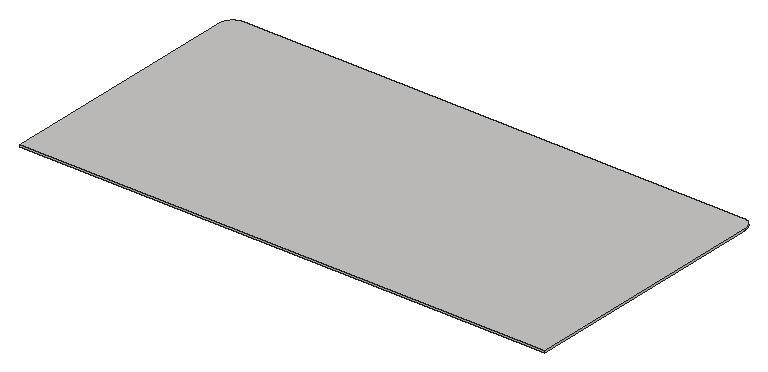
Revit family "PRD_FrankeWS_Splshbcks_AnimaSplashback_SB400,450,500,600", category Furniture, host Face, Revit 2018
Family settings
  Host = Face
  OmniClass Number = 23.45.00.00
  OmniClass Title = Sanitary, Laundry, and Cleaning Equipment
  Cut with Voids When Loaded = No
  Shared = No
  Room Calculation Point = No
Parameters (values of type "SB400")
  WarrantyStartDate [instance] = "1900-12-31T23:59:59"
  WarrantyGuarantorParts = "n/a"
  WarrantyGuarantorLabor = "n/a"
  WarrantyDurationUnit = "year"
  WarrantyDurationParts = "n/a"
  WarrantyDurationLabor = "n/a"
  WarrantyDescription = "n/a"
  Version = "1"
  Uniclass2015Version = "Products v1.5"
  Uniclass2015Title = "Splashbacks"
  Uniclass2015Code = "Pr_40_20_76_83"
  URL = "www.kwc.com"
  TagNumber [instance] = "n/a"
  SustainabilityPerformance = "n/a"
  Style = "Splashback"
  SplashbackMaterial = PRD_AR_StainlessSteel_SatinFinished
  Size = "400 x 200 x 1 mm"
  Shape = "Rectangular"
  SerialNumber [instance] = "n/a"
  SB450 = no
  SB400,500,600 = yes
  Revision = "n/a"
  ReplacementCost = "n/a"
  ProductInformation = "https://pim.kwc.com/product/2000100065/attachment/datasheet?locale=en"
  NominalWidth = 0 mm
  NominalLength = 400 mm
  NominalHeight = 200 mm
  NominalDepth = 1 mm
  NetWeight = 0.60 kg
  Name = "Anima splashback SB400"
  NBSTypeID = "n/a"
  NBSReference = "45-35-15/464"
  NBSOfficeMasterTag = "n/a"
  NBSNote = "n/a"
  NBSDescription = "Splashbacks"
  NBSCertification = "n/a"
  ModelReference = "SB400"
  ModelNumber = "2000100065"
  Model = ModelReference  # "SB400"
  Material = "Stainless steel 1.4301"
  ManufacturerURL = "www.kwc.com"
  ManufacturerName = "KWC Group AG"  # constant formula
  Manufacturer = ManufacturerName  # "KWC Group AG"
  MainColor = "Stainless steel"
  InstallationDate [instance] = "1900-12-31T23:59:59"
  IfcExportType = "NOTDEFINED"
  IfcExportAs = "IfcFurnitureType"
  GrossWeight = 0.80 kg
  Grade = "n/a"
  FixingHoles = "Pre-drilled"
  Finish = "Satin finished"
  Features = "stainless steel, 1 mm, satin finished, wall mounting, 400x200x1 mm (WxHxD)"
  ExpectedLife = "n/a"
  Edges = "Square"
  DurationUnit = "year"
  Description = "Splash back for wall mounting, stainless steel, surface satin finished, material thickness 1 mm, incl. stainless steel screws and dowels. Suitable for washbasins WT400A and WT400C, length 400 mm"
  Default Elevation = 850 mm
  CreateOn = "11/2018"  # constant formula
  Constituents = "n/a"
  Color = "Stainless steel"
  CodePerformance = "n/a"
  Category = "Pr_40_20_76_83, Splashbacks"
  BarCode [instance] = "n/a"
  BIMObjectName = "PRD_AR_Splashbacks_AnimaSplashback_SB400"
  Author = "Archispace"  # constant formula
  AssetType = "Fixed"
  AssetIdentifier [instance] = "n/a"
  AccessibilityPerformance = "n/a"
Types (4, lengths in mm): name | Uniclass2015Version | Size | SB450 | SB400,500,600 | ProductInformation | NominalLength | NominalHeight | NominalDepth | NetWeight | Name | ModelReference | ModelNumber | Model | GrossWeight | Features | Description | BIMObjectName
  SB400 | "Products v1.5" | "400 x 200 x 1 mm" | no | yes | "https://pim.kwc.com/product/2000100065/attachment/datasheet?locale=en" | 400 | 200 | 1 | 0.60 kg | "Anima splashback SB400" | "SB400" | "2000100065" | "SB400" | 0.80 kg | "stainless steel, 1 mm, satin finished, wall mounting, 400x200x1 mm (WxHxD)" | "Splash back for wall mounting, stainless steel, surface satin finished, material thickness 1 mm, incl. stainless steel screws and dowels. Suitable for washbasins WT400A and WT400C, length 400 mm" | "PRD_AR_Splashbacks_AnimaSplashback_SB400"
  SB500 | "Products v1.10" | "500 x 200 x 1 mm" | no | yes | "https://pim.kwc.com/product/2000100066/attachment/datasheet?locale=en" | 500 | 200 | 1 | 0.70 kg | "Anima splashback SB500" | "SB500" | "2000100066" | "SB500" | 0.90 kg | "stainless steel, 1 mm, satin finished, wall mounting, 500x200x1 mm (WxHxD)" | "Splash back for wall mounting, stainless steel, surface satin finished, material thickness 1 mm, inclusive stainless steel screws and dowels. Suitable for washbasins WT500A and WT500C, length 500 mm" | "PRD_AR_Splashbacks_AnimaSplashback_SB500"
  SB600 | "Products v1.10" | "600 x 250 x 1 mm" | no | yes | "https://pim.kwc.com/product/2000100067/attachment/datasheet?locale=en" | 600 | 250 | 1 | 1.00 kg | "Anima splashback SB600" | "SB600" | "2000100067" | "SB600" | 1.30 kg | "stainless steel, 1 mm, satin finished, wall mounting, 600x250x1 mm (WxHxD)" | "Splash back for wall mounting, stainless steel, surface satin finished, material thickness 1 mm, incl. stainless steel screws and dowels. Suitable for washbasins WT600A and WT600C, lenght 600 mm" | "PRD_AR_Splashbacks_AnimaSplashback_SB600"
  SB450 | "Products v1.10" | "450 x 210 x 12 mm" | yes | no | "https://pim.kwc.com/product/2000100338/attachment/datasheet?locale=en" | 450 | 210 | 12 | 1.03 kg | "Anima splashback SB450" | "SB450" | "2000100338" | "SB450" | 1.53 kg | "stainless steel, 0.90 mm, satin finished, wall mounting, 450x210x12 mm (WxHxD)" | "Splash back for wall mounting, stainless steel, surface satin finished, material thickness 0.9 mm, includes stainless steel screws and dowels. Suitable to WT450, LP20 and LP21, length 450 mm" | "PRD_AR_Splashbacks_AnimaSplashback_SB450"
Reference planes
  plane 1 "Center (Front/Back)": y = 0
  plane 2: z = 0
  plane 3 "Center (Left/Right)": x = 0
  plane 4: x = -200
  plane 5: x = 200
  plane 6: y = 200
Forms (mm)
  Extrusion 1, solid, material "PRD_AR_StainlessSteel_SatinFinished" <- "SplashbackMaterial", visible <- "SB400,500,600", detail levels fine
    sketch origin (0, 0, 0) x (1, 0, 0) y (0, 1, 0)
      loop
        line (200, 0) -> (200, 190)
        arc (200, 190) -> (197.071, 197.071) -> (190, 200) r 10
        line (190, 200) -> (-190, 200)
        arc (-190, 200) -> (-197.071, 197.071) -> (-200, 190) r 10
        line (-200, 190) -> (-200, 0) -> (200, 0)
    from 0 to 1
  Extrusion 2, solid, material "PRD_AR_StainlessSteel_SatinFinished" <- "SplashbackMaterial", visible <- "SB400,500,600", detail levels coarse+medium
    sketch origin (0, 0, 0) x (1, 0, 0) y (0, 1, 0)
      loop
        line (200, 0) -> (200, 200) -> (-200, 200) -> (-200, 0) -> (200, 0)
    from 0 to 1
Dimensions and locks
  equal spacing: plane 4, plane 3 "Center (Left/Right)", plane 5
  "NominalLength": plane 4 to plane 5
  "NominalHeight": plane 1 "Center (Front/Back)" to plane 6
  aligned and locked: plane 2 to host face
  aligned and locked: level to host face
  aligned and locked: Extrusion 1 sketch curve to plane 1 "Center (Front/Back)"
  aligned and locked: Extrusion 1 sketch curve to plane 4
  aligned and locked: Extrusion 1 sketch curve to plane 6
  aligned and locked: plane 5 to Extrusion 1 sketch curve
  aligned and locked: Extrusion 2 sketch curve to plane 4
  aligned and locked: Extrusion 2 sketch curve to plane 6
  aligned and locked: plane 5 to Extrusion 2 sketch curve
  aligned and locked: Extrusion 2 sketch curve to plane 1 "Center (Front/Back)"
Automatic sketch dimensions
  host sketch curve to host sketch curve = 2438.4 mm  (x2)
  plane 4 to Extrusion 1 sketch curve = 10 mm
  plane 5 to Extrusion 1 sketch curve = 10 mm
Nested families
  nested 1: "PRD_AR_Splshbcks_AnimaSplashback_SB450" at (0, 0, 0), visible <- "SB450", SplashbackMaterial <- "SplashbackMaterial", type "SB450"
    with WarrantyStartDate "1900-12-31T23:59:59", TagNumber "n/a", SerialNumber "n/a", InstallationDate "1900-12-31T23:59:59", BarCode "n/a", AssetIdentifier "n/a"
Definition of nested family "PRD_AR_Splshbcks_AnimaSplashback_SB450"
  Parameters (values of type "SB450")
    WarrantyStartDate [instance] = "1900-12-31T23:59:59"
    WarrantyGuarantorParts = "n/a"
    WarrantyGuarantorLabor = "n/a"
    WarrantyDurationUnit = "year"
    WarrantyDurationParts = "n/a"
    WarrantyDurationLabor = "n/a"
    WarrantyDescription = "n/a"
    Version = "1"
    Uniclass2015Version = "Products v1.5"
    Uniclass2015Title = "Splashbacks"
    Uniclass2015Code = "Pr_40_20_76_83"
    URL = "www.kwc.com"
    TagNumber [instance] = "n/a"
    SustainabilityPerformance = "n/a"
    Style = "Splashback"
    SplashbackMaterial [instance] = none
    Size = "450 x 210 x 12 mm"
    Shape = "Rectangular"
    SerialNumber [instance] = "n/a"
    Revision = "n/a"
    ReplacementCost = "n/a"
    ProductInformation = "https://pim.kwc.com/product/2000100338/attachment/datasheet?locale=en"
    NominalWidth = 0 mm
    NominalLength = 450 mm
    NominalHeight = 210 mm
    NominalDepth = 12 mm
    NetWeight = 1.03 kg
    Name = "Anima splashback SB450"
    NBSTypeID = "n/a"
    NBSReference = "45-35-15/464"
    NBSOfficeMasterTag = "n/a"
    NBSNote = "n/a"
    NBSDescription = "Splashbacks"
    NBSCertification = "n/a"
    ModelReference = "SB450"
    ModelNumber = "2000100338"
    Model = ModelReference  # "SB450"
    Material = "Stainless steel 1.4301"
    ManufacturerURL = "www.kwc.com"
    ManufacturerName = "KWC Group AG"  # constant formula
    Manufacturer = ManufacturerName  # "KWC Group AG"
    MainColor = "Stainless steel"
    InstallationDate [instance] = "1900-12-31T23:59:59"
    IfcExportType = "NOTDEFINED"
    IfcExportAs = "IfcFurnitureType"
    GrossWeight = 1.53 kg
    Grade = "n/a"
    FixingHoles = "n/a"
    Finish = "Satin finished"
    Features = "stainless steel, 0.90 mm, satin finished, wall mounting, 450x210x12 mm (WxHxD)"
    ExpectedLife = "n/a"
    Edges = "Square"
    DurationUnit = "year"
    Description = "Splash back for wall mounting, stainless steel, surface satin finished, material thickness 0.9 mm, incl. stainless steel screws and dowels. Suitable to WT450, LP20 and LP21, 450x210x12 mm (WxHxD)"
    Default Elevation = 880 mm
    Constituents = "n/a"
    Color = "Stainless steel"
    CodePerformance = "n/a"
    Category = "Pr_40_20_76_83, Splashbacks"
    BarCode [instance] = "n/a"
    BIMObjectName = "PRD_AR_Splashbacks_AnimaSplashback_SB450"
    Author = "Archispace"  # constant formula
    AssetType = "Fixed"
    AssetIdentifier [instance] = "n/a"
    AccessibilityPerformance = "n/a"
  Reference planes
    plane 1 "Center (Front/Back)": y = 0
    plane 2: z = 0
    plane 3 "Center (Left/Right)": x = 0
    plane 4: x = -225
    plane 5: x = 225
    plane 6: y = 210
  Forms (mm)
    Extrusion 1, solid
      sketch origin (0, 0, 0) x (1, 0, 0) y (0, 1, 0)
        loop
          line (-1219.2, 1219.2) -> (-1219.2, -1219.2) -> (1219.2, -1219.2) -> (1219.2, 1219.2) -> (-1219.2, 1219.2)
      from 0 to -304.8
    Extrusion 2, solid, material <- "SplashbackMaterial", detail levels fine
      sketch origin (0, 0, 0) x (1, 0, 0) y (0, 1, 0)
        loop
          line (225, 0) -> (225, 210) -> (-225, 210) -> (-225, 0) -> (225, 0)
      from 0 to 12
    Sweep 3, void
      path in 3D
        loop
          line (-225, 0, 12) -> (225, 0, 12) -> (225, 210, 12) -> (-225, 210, 12) -> (-225, 0, 12)
      profile origin (-225, 105, 12) x (1, 0, 0) y (0, 0, 1)
        loop
          line (0, 0) -> (0, -2)
          arc (0, -2) -> (0.586, -0.586) -> (2, 0) r 2
          line (2, 0) -> (0, 0)
    Extrusion 4, solid, material <- "SplashbackMaterial", detail levels fine
      sketch origin (0, 0, 0) x (1, 0, 0) y (0, 1, 0)
        loop
          line (-185.027, -0.027) -> (-185.027, -15.027) -> (185, -15.027) -> (185, -0.027) -> (-185.027, -0.027)
      from 0 to 1
    Extrusion 5, solid, material <- "SplashbackMaterial", detail levels coarse+medium
      sketch origin (-45, 0, 0) x (1, 0, 0) y (0, 1, 0)
        loop
          line (270, 0) -> (270, 210) -> (-180, 210) -> (-180, 0) -> (270, 0)
      from 0 to 12
  Cuts and joins
    Sweep 3 cuts Extrusion 2
  Lines and regions (mm)
    sketch lines
      curve 1: line (-225, 210, 12) -> (-225, 0, 12)
      curve 2: line (225, 210, 12) -> (-225, 210, 12)
      curve 3: line (-225, 0, 12) -> (225, 0, 12)
      curve 4: line (225, 0, 12) -> (225, 210, 12)
  Dimensions and locks
    equal spacing: plane 4, plane 3 "Center (Left/Right)", plane 5
    "NominalLength": plane 4 to plane 5
    "NominalHeight": plane 1 "Center (Front/Back)" to plane 6
    aligned and locked: plane 2 to Extrusion 1
    aligned and locked: level to Extrusion 1
    aligned and locked: Extrusion 2 sketch curve to plane 1 "Center (Front/Back)"
    aligned and locked: Extrusion 2 sketch curve to plane 4
    aligned and locked: Extrusion 2 sketch curve to plane 6
    aligned and locked: plane 5 to Extrusion 2 sketch curve
    aligned and locked: profile plane to Sweep 3 sketch curve  (x2)
    aligned and locked: Extrusion 5 sketch curve to plane 6
    aligned and locked: Extrusion 5 sketch curve to plane 4
    aligned and locked: plane 5 to Extrusion 5 sketch curve
    aligned and locked: Extrusion 5 sketch curve to plane 1 "Center (Front/Back)"
  Automatic sketch dimensions
    Extrusion 1 sketch curve to Extrusion 1 sketch curve = 2438.4 mm  (x2)
    profile plane to Sweep 3 sketch curve = 0 mm
    Sweep 3 sketch curve to profile plane = 0 mm
    Sweep 3 sketch curve to Sweep 3 sketch curve = 2 mm
    Sweep 3 sketch curve to Sweep 3 sketch curve = 0 mm  (x2)
    plane 1 "Center (Front/Back)" to Extrusion 4 sketch curve = 15.027 mm
    plane 4 to Extrusion 4 sketch curve = 39.973 mm
    plane 5 to Extrusion 4 sketch curve = 40 mm
    plane 1 "Center (Front/Back)" to Extrusion 4 sketch curve = 0.027 mm
